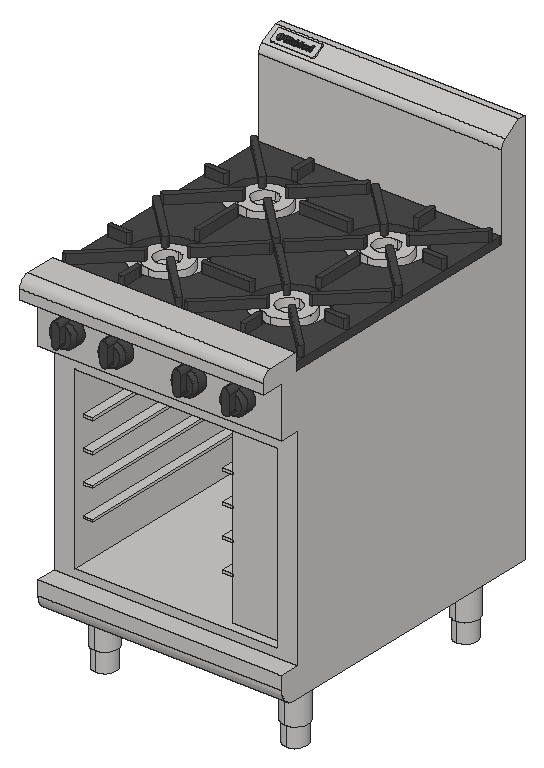
Revit family "QF_MOFFAT WALDORF_RN8400G-CB", category Specialty Equipment, Revit 2012 (continued)
Automatic sketch dimensions
  curve 102 to curve 74 = 7.852 mm
  curve 102 to curve 81 = 7.852 mm
  curve 83 to curve 83 = 61.923 mm
  curve 76 to curve 76 = 61.923 mm
  curve 83 to curve 66 = 28 mm
  curve 76 to curve 63 = 28 mm
  curve 64 to curve 75 = 28.86 mm
  curve 65 to curve 82 = 28.86 mm
  curve 63 to curve 74 = 29.387 mm
  curve 66 to curve 81 = 29.387 mm
  curve 75 to curve 63 = 28.14 mm
  curve 82 to curve 66 = 28.14 mm
  curve 81 to curve 80 = 27.747 mm
  curve 74 to curve 73 = 27.747 mm
  curve 82 to curve 84 = 28.869 mm
  curve 65 to curve 85 = 27.816 mm
  curve 64 to curve 77 = 27.816 mm
  curve 63 to curve 71 = 28.34 mm
  curve 66 to curve 78 = 28.34 mm
  curve 65 to curve 79 = 28 mm
  curve 63 to curve 72 = 28 mm
  plane 13 to curve 71 = 6.034 mm
  plane 13 to curve 78 = 6.034 mm
  plane 13 to curve 77 = 6.427 mm
  plane 13 to curve 85 = 6.427 mm
  plane 13 to curve 72 = 8.67 mm
  plane 13 to curve 79 = 8.67 mm
  curve 71 to curve 101 = 23.966 mm
  curve 101 to curve 5 = 18.766 mm
  plane 13 to curve 51 = 49.218 mm
  curve 7 to curve 18 = 0.452 mm
  plane 13 to curve 26 = 49.218 mm
  curve 10 to curve 38 = 19.218 mm
  curve 51 to curve 55 = 0 mm
  curve 37 to curve 42 = 0 mm
  curve 48 to curve 51 = 0 mm
  curve 55 to curve 59 = 0 mm
  curve 7 to curve 14 = 0.452 mm
  curve 34 to curve 36 = 0 mm
  curve 46 to curve 47 = 0 mm
  curve 30 to curve 32 = 0 mm
  curve 17 to curve 22 = 0 mm
  plane 1 "BACK" to curve 20 = 20.984 mm
  plane 1 "BACK" to curve 23 = 20.984 mm
  plane 1 "BACK" to curve 62 = 20.984 mm
  curve 58 to curve 61 = 0 mm
  plane 1 "BACK" to curve 54 = 20.984 mm
  plane 1 "BACK" to curve 50 = 20.984 mm
  curve 46 to curve 49 = 0 mm
  plane 1 "BACK" to curve 42 = 20.984 mm
  curve 17 to curve 19 = 0 mm
  curve 38 to curve 39 = 0 mm
  curve 13 to curve 15 = 0 mm
  curve 34 to curve 35 = 0 mm
  curve 30 to curve 31 = 0 mm
  curve 11 to curve 6 = 0.026 mm
  Extrusion 18 sketch curve to plane 1 "BACK" = 30.24 mm
  plane 7 "Center Y" to Extrusion 18 sketch curve = 106.114 mm
  plane 13 to Extrusion 18 sketch curve = 12.74 mm
  Extrusion 18 sketch curve to Extrusion 18 sketch curve = 48.5 mm
  Extrusion 18 sketch curve to plane 10 = 0.614 mm
  plane 1 "BACK" to Extrusion 18 sketch curve = 38.76 mm
  Extrusion 1 to Extrusion 19 sketch curve = 50 mm  (x2)
  Extrusion 1 to Extrusion 19 sketch curve = 121.25 mm  (x2)
  Extrusion 19 sketch curve to Extrusion 19 sketch curve = 6.35 mm  (x8)
  Extrusion 19 sketch curve to Extrusion 19 sketch curve = 68.65 mm  (x6)
  Extrusion 19 sketch curve to Extrusion 19 sketch curve = 25 mm  (x8)
  Extrusion 19 sketch curve to Extrusion 19 sketch curve = 0 mm  (x4)
  Extrusion 1 to Extrusion 19 sketch curve = 75 mm
  Extrusion 1 to Extrusion 19 sketch curve = 205.5 mm
  Extrusion 1 to Extrusion 20 sketch curve = 20 mm
  Extrusion 1 to Extrusion 20 sketch curve = 55 mm
  Extrusion 1 to Extrusion 20 sketch curve = 50 mm
  Extrusion 20 sketch curve to Extrusion 20 sketch curve = 130.5 mm
  Extrusion 13 sketch curve to Extrusion 12 = 22.602 mm  (x4)
  Extrusion 13 sketch curve to Extrusion 12 = 26.189 mm  (x2)
  Extrusion 13 sketch curve to Extrusion 13 sketch curve = 4.525 mm  (x32)
  Extrusion 13 sketch curve to Extrusion 13 sketch curve = 48.413 mm  (x2)
  Extrusion 13 sketch curve to Extrusion 13 sketch curve = 55.923 mm  (x10)
  Extrusion 13 sketch curve to Extrusion 13 sketch curve = 0 mm  (x11)
  Extrusion 13 sketch curve to Extrusion 13 sketch curve = 20.524 mm  (x8)
  Extrusion 13 sketch curve to Extrusion 13 sketch curve = 6.4 mm  (x12)
  Extrusion 13 sketch curve to Extrusion 13 sketch curve = 53.847 mm  (x16)
  Extrusion 13 sketch curve to Extrusion 13 sketch curve = 128.447 mm  (x6)
  Extrusion 13 sketch curve to Extrusion 12 = 5.102 mm  (x6)
  Extrusion 13 sketch curve to Extrusion 13 sketch curve = 12.205 mm  (x8)
  Extrusion 13 sketch curve to Extrusion 12 = 14.153 mm  (x2)
  Extrusion 13 sketch curve to Extrusion 13 sketch curve = 116.204 mm  (x4)
  Extrusion 13 sketch curve to Extrusion 13 sketch curve = 20.658 mm  (x2)
  Extrusion 13 sketch curve to Extrusion 12 = 8.398 mm  (x4)
  Extrusion 13 sketch curve to Extrusion 13 sketch curve = 56.839 mm  (x2)
  Extrusion 13 sketch curve to Extrusion 12 = 31.653 mm  (x3)
  Extrusion 13 sketch curve to Extrusion 12 = 25.273 mm  (x2)
  Extrusion 13 sketch curve to Extrusion 13 sketch curve = 44.874 mm  (x3)
  Extrusion 13 sketch curve to Extrusion 13 sketch curve = 59.754 mm  (x2)
  Extrusion 13 sketch curve to Extrusion 13 sketch curve = 20.547 mm  (x2)
  Extrusion 13 sketch curve to Extrusion 12 = 53.272 mm
  Extrusion 12 sketch curve to plane 8 "Center X" = 135.268 mm  (x2)
  Extrusion 1 to Extrusion 21 sketch curve = 110.5 mm  (x2)
  Extrusion 21 sketch curve to Extrusion 21 sketch curve = 57 mm  (x4)
  Extrusion 1 to Extrusion 21 sketch curve = 150 mm  (x4)
  Extrusion 21 sketch curve to Extrusion 21 sketch curve = 186 mm  (x2)
  Extrusion 21 sketch curve to Extrusion 21 sketch curve = 0 mm  (x8)
  Extrusion 21 sketch curve to Extrusion 21 sketch curve = 27 mm  (x4)
  curve 63 to curve 111 = 0 mm  (x2)
  curve 63 to curve 111 = 27 mm
  curve 65 to curve 113 = 0 mm  (x2)
  curve 65 to curve 113 = 27 mm
  curve 67 to curve 115 = 0 mm  (x2)
  curve 115 to curve 92 = 2.184 mm
  curve 69 to curve 117 = 0 mm  (x2)
  curve 118 to curve 100 = 2.184 mm
  radius of Extrusion 4 sketch curve = 13.5 mm
  radius of Extrusion 12 sketch curve = 85 mm  (x4)
Nested families
  nested 1: "RN8400G-CB-CASTERS" at (65, -100, 0), Show Casters <- "Show Casters", visible <- "Show Casters", type "RN8400G-CB-CASTERS"
    with Type Mark "", Status "", Specification by User "", Show Casters no, Revision Code "", Item Number "", Installed By "", Identify Quantity as Lot yes, Furnished By "", Foodservice Equipment Identifier yes
  nested 2: "RN8400G-CB-CASTERS" at (535, -100, 0), Show Casters <- "Show Casters", visible <- "Show Casters", type "RN8400G-CB-CASTERS"
    with Type Mark "", Status "", Specification by User "", Show Casters no, Revision Code "", Item Number "", Installed By "", Identify Quantity as Lot yes, Furnished By "", Foodservice Equipment Identifier yes
  nested 3: "WALDORF LOGO_FACE BASE" at (12.5, -22.216, 1126.7) x (1, 0, 0) z (0, -0.5, 0.866), visible <- "Show Logo", type "WALDORF LOGO_FACE BASE", detail levels medium+fine
    with Show Logo yes
Connectors
  piping at (470.688, -32, 655)
    settings: on Extrusion 4, index 1, connector radius 0.37402", flow factor 0, pipe flow 0 GPM, pressure drop 0.00 psi, fitting loss kfactor 0, connector angle 0.00°, fixture units 0, engagement length 0 mm, flow configuration 1, flow direction 1, fitting loss method 0, system type 7, joint type 0, gender type 0, connector reference index -1, connector utility 0, adjustable connector no, is connector primary yes, fitting loss table "", connector description "GAS CONNECTION"
Definition of nested family "WALDORF LOGO_FACE BASE"
  Parameters (values of type "WALDORF LOGO_FACE BASE")
    Show Logo [instance] = yes
    Default Elevation = 1219.2 mm
  Reference planes
    plane 1 "Center (Front/Back)": y = 0
    plane 2: z = 0
    plane 3 "Center (Left/Right)": x = 0
  Forms (mm)
    Extrusion 1, solid
      sketch origin (0, 0, 0) x (1, 0, 0) y (0, 1, 0)
        loop
          line (-1219.2, 1219.2) -> (-1219.2, -1219.2) -> (1219.2, -1219.2) -> (1219.2, 1219.2) -> (-1219.2, 1219.2)
      from 0 to -304.8
    Extrusion 2, solid, material "QF_Finishes_Stainless Steel", visible <- "Show Logo"
      sketch origin (0, -33.217, 0) x (1, 0, 0) y (0, 1, 0)
        loop
          arc (5, 34.14) -> (1.464, 32.676) -> (0, 29.14) r 5
          line (0, 29.14) -> (0, 5)
          arc (0, 5) -> (1.464, 1.464) -> (5, 0) r 5
          line (5, 0) -> (104, 0)
          arc (104, 0) -> (107.536, 1.464) -> (109, 5) r 5
          line (109, 5) -> (109, 29.14)
          arc (109, 29.14) -> (107.536, 32.676) -> (104, 34.14) r 5
          line (104, 34.14) -> (5, 34.14)
      from 0 to 1.588
    Extrusion 3, solid, material "QF_Finishes_Black", visible <- "Show Logo"
      sketch origin (0, -33.217, 1.588) x (1, 0, 0) y (0, 1, 0)
        loop
          line (24.772, 23.214) -> (27.992, 10.301) -> (31.551, 10.301) -> (33.443, 17.364) -> (35.205, 10.301) -> (39.332, 10.301) -> (42.077, 23.214) -> (38.352, 23.214) -> (36.676, 15.33) -> (35, 23.214) -> (31.752, 23.214) -> (30.076, 15.33) -> (28.4, 23.214) -> (24.772, 23.214)
        loop
          line (42.272, 17.055) -> (45.703, 17.055)
          spline (45.703, 17.055) -> (45.741, 17.285) -> (45.852, 17.499) -> (46.028, 17.682) -> (46.258, 17.823) -> (46.526, 17.912) -> (46.813, 17.942) -> (47.1, 17.912) -> (47.368, 17.823) -> (47.597, 17.682) -> (47.774, 17.499) -> (47.884, 17.285) -> (47.922, 17.055)
          line (47.922, 17.055) -> (47.922, 16.222)
          arc (47.922, 16.222) -> (45.742, 16.014) -> (43.665, 15.317) r 9.604
          arc (43.665, 15.317) -> (41.924, 12.809) -> (43.665, 10.301) r 2.677
          arc (43.665, 10.301) -> (45.527, 10.353) -> (47.332, 10.816) r 8.365
          line (47.332, 10.816) -> (48.092, 11.105) -> (48.092, 10.301) -> (51.817, 10.301) -> (51.817, 17.055)
          spline (51.817, 17.055) -> (51.654, 17.821) -> (51.178, 18.535) -> (50.419, 19.148) -> (49.431, 19.619) -> (48.28, 19.914) -> (47.044, 20.015) -> (45.809, 19.914) -> (44.658, 19.619) -> (43.67, 19.148) -> (42.911, 18.535) -> (42.434, 17.821) -> (42.272, 17.055)
        loop
          line (53.151, 23.214) -> (53.151, 10.301) -> (57.37, 10.301) -> (57.37, 23.214) -> (53.151, 23.214)
        loop
          line (64.874, 23.214) -> (64.874, 18.857)
          arc (64.874, 18.857) -> (58.083, 15.11) -> (64.874, 11.363) r 4.429
          line (64.874, 11.363) -> (64.874, 10.301) -> (68.378, 10.301) -> (68.378, 23.214) -> (64.874, 23.214)
        loop
          arc (64.874, 16.083) -> (61.41, 14.987) -> (64.874, 13.891) r 1.905
          line (64.874, 13.891) -> (64.874, 16.083)
        loop
          circle (74.623, 15.223) r 5
        loop
          spline (74.623, 17.856) -> (74.355, 17.766) -> (74.105, 17.503) -> (73.891, 17.084) -> (73.726, 16.539) -> (73.623, 15.904) -> (73.588, 15.223) -> (73.623, 14.541) -> (73.726, 13.906) -> (73.891, 13.361) -> (74.105, 12.942) -> (74.355, 12.679) -> (74.623, 12.59)
          spline (74.623, 12.59) -> (74.891, 12.679) -> (75.141, 12.942) -> (75.355, 13.361) -> (75.52, 13.906) -> (75.623, 14.541) -> (75.659, 15.223) -> (75.623, 15.904) -> (75.52, 16.539) -> (75.355, 17.084) -> (75.141, 17.503) -> (74.891, 17.766) -> (74.623, 17.856)
        loop
          line (81.255, 19.813) -> (81.255, 10.301) -> (84.834, 10.301) -> (84.834, 14.176)
          arc (84.834, 14.176) -> (85.854, 16.093) -> (88.013, 16.32) r 2.313
          line (88.013, 16.32) -> (88.013, 19.813) -> (87.161, 19.813)
          arc (87.161, 19.813) -> (85.526, 19.266) -> (84.549, 17.844) r 2.717
          line (84.549, 17.844) -> (84.549, 19.813) -> (81.255, 19.813)
        loop
          line (90.249, 19.813) -> (88.91, 19.813) -> (88.91, 17.614) -> (90.249, 17.614) -> (90.249, 10.301) -> (93.998, 10.301) -> (93.998, 17.614) -> (95.418, 17.614) -> (95.418, 19.813) -> (93.998, 19.813)
          arc (93.998, 19.813) -> (94.414, 20.817) -> (95.418, 21.233) r 1.42
          line (95.418, 21.233) -> (95.418, 23.602) -> (93.317, 23.602)
          arc (93.317, 23.602) -> (91.343, 22.903) -> (90.249, 21.118) r 3.137
          line (90.249, 21.118) -> (90.249, 19.813)
        loop
          arc (15.241, 23.571) -> (8.392, 16.525) -> (15.241, 9.479) r 7.049
          line (15.241, 9.479) -> (15.241, 23.571)
        loop
          line (15.641, 23.571) -> (15.641, 9.479)
          arc (15.641, 9.479) -> (22.49, 16.525) -> (15.641, 23.571) r 7.049
        loop
          arc (47.922, 14.711) -> (46.266, 13.749) -> (47.922, 12.787) r 1.107
          line (47.922, 12.787) -> (47.922, 14.711)
      from 0 to 0.2
  Dimensions and locks
    aligned and locked: plane 2 to Extrusion 1
    aligned and locked: level to Extrusion 1
Definition of nested family "RN8400G-CB-CASTERS"
  Parameters (values of type "BTL8450-CB-CASTERS")
    Weight = ""
    URL Manufacturer = ""
    URL Cutsheet = ""
    URL = ""
    Type Mark [instance] = ""
    Status [instance] = ""
    Specification by User [instance] = ""
    Specification by Manufacturer = ""
    Show Casters [instance] = no
    Serial Number = ""
    Seismic Rating = ""
    SMACNA No = ""
    Revision Code [instance] = ""
    Omniclass Number and Title = ""
    NAFEM Spec ID Number = ""
    Model = ""
    MasterSpec. = ""
    Manufacturer = ""
    Item Number [instance] = ""
    Installed By [instance] = ""
    Identify Quantity as Lot [instance] = yes
    Furnished By [instance] = ""
    Foodservice Equipment Identifier [instance] = yes
    Description = ""
    CSI MasterFormat = ""
    CSI Master Format = ""
    Assembly Code = ""
  Reference planes
    plane 1: z = 0
    plane 2 "RIGHT": x = 0
    plane 3 "FRONT": y = 0
    plane 4 "TOP": z = 177.8
  Forms (mm)
    Revolve 1, solid, material "QF_Finishes_Stainless Steel", visible <- "Show Casters"
      sketch origin (0, 56.335, 0) x (0, 1, 0) y (0, 0, 1)
        loop
          line (-56.335, 152.4) -> (-56.335, 141.118) -> (-23.798, 141.118) -> (-23.798, 152.4) -> (-56.335, 152.4)
        axis (-56.335, 141.118) -> (-56.335, 152.4)
      angle from 0 to 360
    Extrusion 2, solid, material "QF_Finishes_Stainless Steel", visible <- "Show Casters"
      sketch origin (-46.049, 56.335, 0) x (0, 1, 0) y (0, 0, 1)
        loop
          line (-85.799, 141.118) -> (-85.799, 133.498) -> (-82.136, 133.498)
          arc (-82.136, 133.498) -> (-79.344, 132.328) -> (-77.146, 130.248) r 8.432
          line (-77.146, 130.248) -> (-39.502, 49.52)
          arc (-39.502, 49.52) -> (-13.784, 46.107) -> (-5.673, 70.75) r 20.32
          arc (-5.673, 70.75) -> (-7.065, 73.611) -> (-8.887, 76.22) r 20.32
          arc (-8.887, 76.22) -> (-9.399, 85.377) -> (-6.626, 94.119) r 25.4
          line (-6.626, 94.119) -> (8.003, 121.632)
          arc (8.003, 121.632) -> (-2.347, 126.31) -> (-13.34, 129.167) r 66.802
          line (-13.34, 129.167) -> (-13.765, 133.498) -> (-26.871, 133.498) -> (-26.871, 141.118) -> (-85.799, 141.118)
      from 20.058 to 22.923
    Extrusion 3, solid, material "QF_Finishes_Stainless Steel", visible <- "Show Casters"
      sketch origin (3.326, 56.335, 0) x (0, 1, 0) y (0, 0, 1)
        loop
          line (-85.799, 141.118) -> (-85.799, 133.498) -> (-82.136, 133.498)
          arc (-82.136, 133.498) -> (-79.344, 132.328) -> (-77.146, 130.248) r 8.432
          line (-77.146, 130.248) -> (-39.502, 49.52)
          arc (-39.502, 49.52) -> (-13.784, 46.107) -> (-5.673, 70.75) r 20.32
          arc (-5.673, 70.75) -> (-7.065, 73.611) -> (-8.887, 76.22) r 20.32
          arc (-8.887, 76.22) -> (-9.399, 85.377) -> (-6.626, 94.119) r 25.4
          line (-6.626, 94.119) -> (8.003, 121.632)
          arc (8.003, 121.632) -> (-2.347, 126.31) -> (-13.34, 129.167) r 66.802
          line (-13.34, 129.167) -> (-13.765, 133.498) -> (-26.871, 133.498) -> (-26.871, 141.118) -> (-85.799, 141.118)
      from 20.058 to 22.923
    Extrusion 4, solid, material "QF_Finishes_Stainless Steel", visible <- "Show Casters"
      sketch origin (-49.224, 56.335, 0) x (0, 1, 0) y (0, 0, 1)
        loop
          line (-85.799, 141.118) -> (-85.799, 133.498) -> (-82.136, 133.498) -> (-18.877, 127.964) -> (7.14, 120.01) -> (8.003, 121.632)
          arc (8.003, 121.632) -> (-2.347, 126.31) -> (-13.34, 129.167) r 66.802
          line (-13.34, 129.167) -> (-13.765, 133.498) -> (-26.871, 133.498) -> (-26.871, 141.118) -> (-85.799, 141.118)
      from 26.098 to 72.56
    Revolve 5, solid, material "QF_Finishes_Stainless Steel", visible <- "Show Casters"
      sketch origin (-49.224, 30.821, 0) x (1, 0, 0) y (0, 0, 1)
        loop
          line (14.841, 63.604) -> (83.584, 63.604) -> (83.584, 67.109) -> (82.314, 68.379) -> (80.79, 68.379) -> (80.79, 71.826) -> (68.644, 71.826) -> (68.644, 81.79) -> (65.088, 83.843) -> (61.683, 104.879) -> (65.881, 104.879) -> (65.881, 111.229) -> (65.088, 111.229) -> (65.088, 117.579)
          arc (65.088, 117.579) -> (62.298, 124.314) -> (55.563, 127.104) r 9.525
          line (55.563, 127.104) -> (42.863, 127.104)
          arc (42.863, 127.104) -> (36.127, 124.314) -> (33.338, 117.579) r 9.525
          line (33.338, 117.579) -> (33.338, 111.229) -> (32.544, 111.229) -> (32.544, 104.879) -> (36.742, 104.879) -> (33.352, 83.932) -> (29.782, 81.871) -> (29.782, 71.826) -> (17.635, 71.826) -> (17.635, 68.379) -> (16.111, 68.379) -> (14.841, 67.109) -> (14.841, 63.604)
        axis (14.841, 63.604) -> (83.584, 63.604)
      angle from 0 to 360
  Cuts and joins
    joined: Extrusion 2, Extrusion 3, Extrusion 4
  Lines and regions (mm)
    symbolic lines, style "SpecialityEquipmentHiddenLines", visible <- "Show Casters"
      curve 1: line (18.009, 67.053, 0) -> (45.595, 51.127, 0)
      curve 2: line (-45.491, -42.932, 0) -> (18.009, 67.053, 0)
      curve 3: line (-17.905, -58.859, 0) -> (-45.491, -42.932, 0)
      curve 4: line (45.595, 51.127, 0) -> (-17.905, -58.859, 0)
  Dimensions and locks
    plane 4 "TOP" to level = 177.8 mm  (x2)
    Revolve 5 sketch curve to Revolve 5 sketch curve = 63.5 mm
    aligned and locked: level to plane 1
